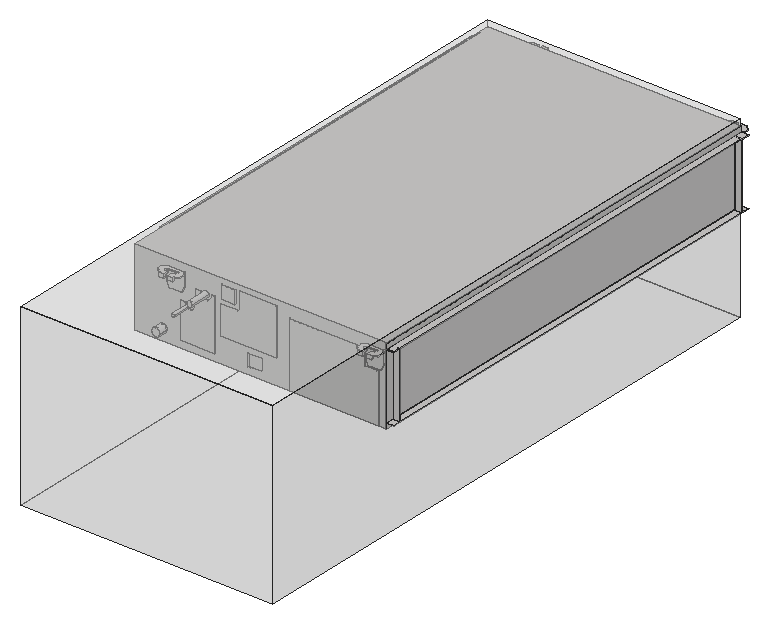
Revit family "outputfile", category 機械設備, Revit 2024
Family settings
  丸型コネクタ寸法 = 半径を使用
  パーツ タイプ = 標準
  OmniClass 番号 = 23.75.10.24.21.27.27
  OmniClass タイトル = Split System Air Conditioning Units
  作業面ベース = いいえ
  常に垂直 = はい
  ロード時にボイドで切り取り = いいえ
  注釈の向きを維持 = いいえ
  共有 = いいえ
  部屋計算ポイント = はい
Parameters (values of type "FBFC140DVMG")
  Description = ""
  製造元 = "Daikin"
  書き出し IFC クラス(タイプ) = "IfcUnitaryEquipmentType"
  定義済み IFC タイプ(タイプ) = "AIRCONDITIONINGUNIT"
  Cost = 0
  モデル = "FBFC140DVMG"
  Type Comments = ""
  Keynote = ""
  Type Image = (empty or 0)
  Assembly Code = ""
  switch_frequency = yes
  r_Liquid Pipe Size = Liquid Pipe Size / 2  # 4.75 mm
  r_Gas Pipe Size = Gas Pipe Size / 2  # 7.95 mm
  r_Drain Pipe Size = Drain Pipe Size / 2  # 12.5 mm
  lw_power = 770.0 mm  # constant formula
  lh_SA = 138.0 mm  # constant formula
  lw_SA = if(Depth = 550.0 mm, 225.0 mm, if(Depth = 700.0 mm, 300.0 mm, if(Depth = 1000.0 mm, 450.0 mm, if(Depth = 1400.0 mm, 650.0 mm, 725.0 mm))))  # 650.0 mm
  lw_RA = if(Depth = 550.0 mm, 275.0 mm, if(Depth = 700.0 mm, 349.0 mm, if(Depth = 1000.0 mm, 499.0 mm, if(Depth = 1400.0 mm, 699.0 mm, 775.0 mm))))  # 699.0 mm
  lh_power = 60.0 mm + [h***]  # 60.0 mm
  lh_mountinghole1 = lh_mountinghole + [h***]  # 222.0 mm
  lh_RA = 123.0 mm  # constant formula
  ld_power = Depth / 2  # 700.0 mm
  connector_voltage = Voltage_50Hz  # 230 V
  connector_powerinput = [Power Input (Cooling)]  # 0.000 kW
  connector_phase = Phase_50Hz  # 1
  Voltage_comment_50Hz = "220 - 240"
  Voltage_50Hz = 230 V
  URL = ""
  Supply Air Direction [instance] = yes
  Sound Power Level_H speed (dB) = 0
  Phase_50Hz = 1
  Minimum External Static Pressure = 50.00 Pa
  Minimum Circuit Amps_50Hz = 0.0 A
  Maximum Fuse Amps_50Hz = 0.0 A
  Maximum External Static Pressure = 150.00 Pa
  Material_Casing = DAIKIN_GalvanizedSteel_Casing_indoorunit
  lw_mountinghole = 630.0 mm  # constant formula
  lh_gaspipe = 183.0 mm + [h***]  # 183.0 mm
  lh_mountinghole = 222.0 mm  # constant formula
  lh_liquidpipe = 136.0 mm + [h***]  # 136.0 mm
  lh_drainpipe = 38.0 mm + [h***]  # 38.0 mm
  lh_antena = Height - lh_mountinghole + 1.0 mm  # 24.0 mm
  ld_drainpipe = Depth / 2 + 26.0 mm  # 726.0 mm
  ld_liquidpipe = Depth / 2 + 69.0 mm  # 769.0 mm
  ld_gaspipe = Depth / 2 + 65.0 mm  # 765.0 mm
  ld_mountinghole = Depth + 38.0 mm  # 1438.0 mm
  h*** = 0.0 mm  # constant formula
  lw_liquidpipe = 179.0 mm  # constant formula
  lw_gaspipe = 229.0 mm  # constant formula
  lw_drainpipe = 91.0 mm  # constant formula
  Width = 800.0 mm
  Version = "ver.1.0"
  Unit Type = "M.S.P. Duct"
  Unit Mass Weight = 46.00 kg
  Unit Designation [instance] = ""
  Uniclass2015Version = "Products v1.30"
  Uniclass2015Title = "Split coil room air conditioning units"
  Uniclass2015Code = "Pr_70_65_03_86"
  Total Cooling Capacity [instance] = 0.000 kW
  Sound Pressure Level_M speed (dBA) = 37.5
  Sound Pressure Level_L speed (dBA) = 35
  Sound Pressure Level_H speed (dBA) = 40
  Series = "SkyAir_Fan Coil Unit"
  Sensible Cooling Capacity [instance] = 0.000 kW
  SA Duct Size Width = 1192.0 mm
  SA Duct Size Height = 176.0 mm
  Refrigerant Type = "R32"
  RA Duct Size Width = 1352.0 mm
  RA Duct Size Height = 208.0 mm
  Power Input (Cooling) = 0.000 kW
  Option Accessory 3 [instance] = ""
  Option Accessory 2 [instance] = ""
  Option Accessory 1 [instance] = ""
  Nominal Cooling Capacity = 14.000 kW
  Minimum Airflow = 1500.00 m³/h
  Median Airflow = 1830.00 m³/h
  Maximum Airflow = 2160.00 m³/h
  Load Classification = HVAC
  Liquid Pipe Size = 9.5 mm
  Link_Nested Family [instance] = ""
  IfcVersion = ""
  IfcExportType = "AIRCONDITIONINGUNIT"
  IfcExportAs = "IfcUnitaryEquipmentType"
  Height = 245.0 mm
  Heat Exchanger Type = "Cross Fin Coil"
  Gas Pipe Size = 15.9 mm
  Frequency_50Hz = 50 Hz
  Fan Type = "Sirocco Fan"
  Fan Drive = "Direct Drive"
  FCU Tag No. [instance] = ""
  Drain Pipe Size = 25.0 mm
  Design Supply Airflow [instance] = 0.00 m³/h
  Design Return Airflow [instance] = 0.00 m³/h
  Design External Static Pressure [instance] = 0.00 Pa
  Depth = 1400.0 mm
  既定の高さ = 0.0 mm
  Cooling Entering Wet Bulb Temperature [instance] = 0.00 °C
  Cooling Entering Dry Bulb Temperature [instance] = 0.00 °C
  Cooling Ambient Wet Bulb Temperature [instance] = 0.00 °C
  Cooling Ambient Dry Bulb Temperature [instance] = 0.00 °C
  Clearance visibility [instance] = yes
  Clearance Top = 20.0 mm
  Clearance Right = 0.0 mm
  Clearance Rear = 0.0 mm
  Clearance Left = 0.0 mm
  Clearance Front = 450.0 mm
  Clearance Bottom = 300.0 mm
Reference planes
  plane 1 "Center (Front/Back)": y = 0
  plane 2 "h": z = 0
  plane 3 "Center (Left/Right)": x = 0
  plane 4 "Back": y = 700
  plane 5 "Front": y = -700
  plane 6 "Left": x = -400
  plane 7 "Right": x = 400
  plane 8 "Top": z = 0
  plane 9 "Bottom": z = -245
  plane 10: y = -215
  plane 11: y = 700
  plane 12: y = -1150
  plane 13: x = -400
  plane 14: x = 400
  plane 15: z = 20
  plane 16: z = -545
  plane 17: x = -400
  plane 18: x = -399
  plane 19: x = 399
  plane 20: y = 50
  plane 21: y = -1
  plane 22: z = -122
  plane 23: y = -701
  plane 24: z = -109
  plane 25: x = -221
  plane 26: y = -765
  plane 27: z = -62
  plane 28: x = -171
  plane 29: y = -726
  plane 30: z = -207
  plane 31: x = -309
  plane 32: x = -309
  plane 33: x = -221
  plane 34: x = -171
  plane 35: x = 370
  plane 36: x = -266
  plane 37: x = 364
  plane 38: y = -719
  plane 39: y = 719
  plane 40: z = -23
  plane 41: z = -107
  plane 42: y = -769
  plane 43: z = -207
  plane 44: x = -309
  plane 45: y = -726
  plane 46: x = -251
  plane 47: x = -203
  plane 48: x = -144
  plane 49: z = -59
  plane 50: z = -106
  plane 51: z = -221
  plane 52: z = -109
  plane 53: x = -221
  plane 54: z = -62
  plane 55: x = -171
  plane 56: z = -17
  plane 57: z = -59
  plane 58: x = -121
  plane 59: x = -79
  plane 60: x = -125
  plane 61: x = -64
  plane 62: x = 53
  plane 63: z = -164
  plane 64: z = -73
  plane 65: z = -16
  plane 66: x = 93.5
  plane 67: x = 374.5
  plane 68: x = 330
  plane 69: z = -88.5
  plane 70: z = -38
  plane 71: z = -242.5
  plane 72: x = -38.5
  plane 73: x = 6.5
  plane 74: z = -181
  plane 75: z = -221
  plane 76: y = -699
  plane 77: x = -424
  plane 78: x = 424
Forms (mm)
  Extrusion 1, solid, material "DAIKIN_GalvanizedSteel_Casing_indoorunit" <- "Material_Casing"
    sketch origin (0, 0, 0) x (1, 0, 0) y (0, 1, 0)
      loop
        line (-399, 700) -> (-399, -700) -> (399, -700) -> (399, 700) -> (-399, 700)
    from -245 to 0
  Extrusion 2, solid, material "DAIKIN_GalvanizedSteel_Casing_indoorunit" <- "Material_Casing"
    sketch origin (0, 0, 0) x (1, 0, 0) y (0, 0, 1)
      loop
        line (-251, -221) -> (-144, -221) -> (-144, -59) -> (-154.47, -59)
        arc (-154.47, -59) -> (-171, -78.8) -> (-187.53, -59) r 16.8
        line (-187.53, -59) -> (-203, -59) -> (-203, -106) -> (-206.916, -106)
        arc (-206.916, -106) -> (-221, -123.4) -> (-235.084, -106) r 14.4
        line (-235.084, -106) -> (-251, -106) -> (-251, -221)
    from 700 to 701
  Extrusion 3, solid, material "DAIKIN_GalvanizedSteel_Casing_indoorunit" <- "Material_Casing"
    sketch origin (0, 0, 0) x (1, 0, 0) y (0, 0, 1)
      loop
        line (-121, -17) -> (-121, -59) -> (-79, -59) -> (-79, -17) -> (-121, -17)
      loop
        line (-125, -73) -> (-125, -164) -> (53, -164) -> (53, -16) -> (-64, -16) -> (-64, -73) -> (-125, -73)
    from 700 to 701
  Extrusion 4, solid, material "DAIKIN_GalvanizedSteel_Casing_indoorunit" <- "Material_Casing"
    sketch origin (0, 0, 0) x (1, 0, 0) y (0, 0, 1)
      loop
        line (93.5, -38) -> (93.5, -242.5) -> (374.5, -242.5) -> (374.5, -88.5) -> (330, -88.5) -> (330, -38) -> (93.5, -38)
    from 700 to 701
  Extrusion 5, solid, material "DAIKIN_GalvanizedSteel_Casing_indoorunit" <- "Material_Casing"
    sketch origin (0, 0, 0) x (1, 0, 0) y (0, 0, 1)
      loop
        circle (-221, -109) r 4.75
    from 700 to 769
  Extrusion 6, solid, material "DAIKIN_GalvanizedSteel_Casing_indoorunit" <- "Material_Casing"
    sketch origin (0, 0, 0) x (1, 0, 0) y (0, 0, 1)
      loop
        circle (-171, -62) r 7.95
    from 700 to 765
  Extrusion 7, solid, material "DAIKIN_GalvanizedSteel_Casing_indoorunit" <- "Material_Casing"
    sketch origin (0, 0, 0) x (1, 0, 0) y (0, 0, 1)
      loop
        circle (-309, -207) r 12.5
    from 701 to 726
  Extrusion 8, solid, material "DAIKIN_GalvanizedSteel_Casing_indoorunit" <- "Material_Casing"
    sketch origin (0, 0, 0) x (1, 0, 0) y (0, 0, 1)
      loop
        circle (-309, -207) r 13
    from 700 to 726
  Extrusion 9, void
    sketch origin (0, 0, 0) x (1, 0, 0) y (0, 0, 1)
      loop
        line (-38.5, -181) -> (-38.5, -221) -> (6.5, -221) -> (6.5, -181) -> (-38.5, -181)
    from 699 to 700
Cuts and joins
  Extrusion 9 cuts Extrusion 1
Dimensions and locks
  "Height": plane 8 "Top" to plane 9 "Bottom"
  equal spacing: plane 4 "Back", plane 1 "Center (Front/Back)", plane 5 "Front"
  "Depth": plane 4 "Back" to plane 5 "Front"
  equal spacing: plane 6 "Left", plane 3 "Center (Left/Right)", plane 7 "Right"
  "Width": plane 6 "Left" to plane 7 "Right"
  "Clearance Left": plane 13 to plane 6 "Left"
  "Clearance Right": plane 7 "Right" to plane 14
  "Clearance Rear": plane 11 to plane 4 "Back"
  "Clearance Front": plane 5 "Front" to plane 12
  "Clearance Top": plane 15 to plane 8 "Top"
  "Clearance Bottom": plane 9 "Bottom" to plane 16
  locked: plane 17 to plane 18 at 1
  locked: plane 19 to plane 14 at 1
  "lw_SA": plane 11 to plane 20
  "lw_RA": plane 21 to plane 5 "Front"
  "lh_RA": plane 22 to plane 9 "Bottom"
  locked: plane 5 "Front" to plane 23 at 1
  "lw_liquidpipe": plane 25 to plane 6 "Left"
  "lh_liquidpipe": plane 24 to plane 9 "Bottom"
  "lh_gaspipe": plane 27 to plane 9 "Bottom"
  "lw_gaspipe": plane 28 to plane 6 "Left"
  "ld_gaspipe": plane 26 to plane 1 "Center (Front/Back)"
  "ld_drainpipe": plane 29 to plane 1 "Center (Front/Back)"
  "lh_drainpipe": plane 30 to plane 9 "Bottom"
  "lw_drainpipe": plane 31 to plane 6 "Left"
  "lw_drainpipe": plane 6 "Left" to plane 32
  "lw_liquidpipe": plane 6 "Left" to plane 33
  "lw_gaspipe": plane 6 "Left" to plane 34
  "lw_power": plane 6 "Left" to plane 35
  locked: plane 17 to plane 36 at 134
  "lw_mountinghole": plane 36 to plane 37
  equal spacing: plane 38, plane 1 "Center (Front/Back)", plane 39
  "ld_mountinghole": plane 39 to plane 38
  "lh_mountinghole": plane 40 to plane 9 "Bottom"
  "lh_SA": plane 41 to plane 9 "Bottom"
  locked: plane 44 to plane 6 "Left" at 91
  locked: plane 43 to plane 9 "Bottom" at 38
  locked: plane 5 "Front" to plane 45 at 26
  plane 48 to plane 47 to plane 46 to plane 6 "Left" = 59.0 mm, 48.0 mm, 149.0 mm
  plane 8 "Top" to plane 49 to plane 50 to plane 51 = 59.0 mm locked, 47.0 mm locked, 115.0 mm locked
  plane 55 to plane 53 to plane 6 "Left" = 50.0 mm locked, 179.0 mm locked
  plane 54 to plane 52 to plane 9 "Bottom" = 47.0 mm locked, 136.0 mm locked
  plane 59 to plane 58 to plane 6 "Left" = 42.0 mm locked, 279.0 mm locked
  plane 8 "Top" to plane 56 to plane 57 = 17.0 mm locked, 42.0 mm locked
  plane 62 to plane 61 to plane 60 to plane 6 "Left" = 117.0 mm, 61.0 mm, 275.0 mm
  plane 8 "Top" to plane 65 to plane 64 = 16.0 mm locked, 57.0 mm locked
  locked: plane 65 to plane 63 at 148
  plane 8 "Top" to plane 70 to plane 69 to plane 71 = 38.0 mm locked, 50.5 mm locked, 154.0 mm locked
  plane 67 to plane 68 to plane 66 to plane 6 "Left" = 44.5 mm locked, 236.5 mm locked, 493.5 mm locked
  plane 8 "Top" to plane 74 to plane 75 = 181.0 mm locked, 40.0 mm locked
  plane 73 to plane 72 to plane 6 "Left" = 45.0 mm, 361.5 mm
  locked: plane 76 to plane 5 "Front" at 1
  locked: plane 77 to plane 17 at 24
  locked: plane 14 to plane 78 at 24
  "ld_liquidpipe": plane 42 to plane 1 "Center (Front/Back)"
  "r_Liquid Pipe Size": radius of Extrusion 5 sketch curve
  "r_Gas Pipe Size": radius of Extrusion 6 sketch curve
  "r_Drain Pipe Size": radius of Extrusion 7 sketch curve
  aligned and locked: level to plane 2 "h"
  aligned and locked: plane 8 "Top" to Extrusion 1
  aligned and locked: Extrusion 1 to plane 9 "Bottom"
  aligned and locked: nested 5 to plane 12
  aligned and locked: plane 13 to nested 5
  aligned and locked: plane 14 to nested 5
  aligned and locked: nested 5 to plane 13
  aligned and locked: plane 11 to nested 5
  aligned and locked: plane 15 to nested 5
  aligned and locked: plane 16 to nested 5
  aligned and locked: plane 5 "Front" to Extrusion 1 sketch curve
  aligned and locked: Extrusion 1 to plane 18
  aligned and locked: plane 19 to Extrusion 1
  aligned and locked: nested 7 to plane 18
  aligned and locked: nested 7 to plane 20
  aligned and locked: plane 19 to nested 8
  aligned and locked: plane 21 to nested 8
  aligned and locked: plane 22 to nested 8
  aligned and locked: Extrusion 2 to plane 23
  aligned and locked: plane 5 "Front" to Extrusion 2
  aligned and locked: Extrusion 3 to plane 23
  aligned and locked: plane 5 "Front" to Extrusion 3
  aligned and locked: plane 5 "Front" to Extrusion 4
  aligned and locked: Extrusion 5 sketch curve to plane 25
  aligned and locked: plane 24 to Extrusion 5 sketch curve
  aligned and locked: plane 5 "Front" to Extrusion 5
  aligned and locked: Extrusion 6 sketch curve to plane 28
  aligned and locked: plane 27 to Extrusion 6 sketch curve
  aligned and locked: plane 5 "Front" to Extrusion 6
  aligned and locked: Extrusion 7 sketch curve to plane 31
  aligned and locked: plane 30 to Extrusion 7 sketch curve
  aligned and locked: Extrusion 7 to plane 29
  aligned and locked: plane 23 to Extrusion 7
  aligned and locked: nested 3 to plane 29
  aligned and locked: nested 3 to plane 32
  aligned and locked: nested 2 to plane 33
  aligned and locked: nested 1 to plane 34
  aligned and locked: Extrusion 6 to plane 26
  aligned and locked: nested 1 to plane 26
  aligned and locked: nested 6 to plane 5 "Front"
  aligned and locked: nested 6 to plane 35
  aligned and locked: plane 36 to nested 10
  aligned and locked: nested 10 to plane 5 "Front"
  aligned and locked: plane 37 to nested 9
  aligned and locked: nested 9 to plane 5 "Front"
  aligned and locked: nested 11 to plane 36
  aligned and locked: plane 4 "Back" to nested 11
  aligned and locked: nested 12 to plane 37
  aligned and locked: plane 4 "Back" to nested 12
  aligned and locked: plane 40 to nested 10
  aligned and locked: plane 40 to nested 11
  aligned and locked: plane 40 to nested 9
  aligned and locked: plane 40 to nested 12
  aligned and locked: plane 36 to nested 14
  aligned and locked: nested 14 to plane 39
  aligned and locked: plane 37 to nested 13
  aligned and locked: nested 13 to plane 39
  aligned and locked: plane 37 to nested 16
  aligned and locked: plane 38 to nested 16
  aligned and locked: plane 38 to nested 15
  aligned and locked: plane 36 to nested 15
  aligned and locked: plane 17 to plane 6 "Left"
  aligned and locked: plane 41 to nested 7
  aligned and locked: Extrusion 5 to plane 42
  aligned and locked: nested 2 to plane 42
  aligned and locked: Extrusion 8 sketch curve to plane 44
  aligned and locked: plane 43 to Extrusion 8 sketch curve
  aligned and locked: plane 5 "Front" to Extrusion 8
  aligned and locked: plane 45 to Extrusion 8
  aligned and locked: Extrusion 3 sketch curve to plane 56
  aligned and locked: Extrusion 3 sketch curve to plane 58
  aligned and locked: plane 57 to Extrusion 3 sketch curve
  aligned and locked: plane 59 to Extrusion 3 sketch curve
  aligned and locked: Extrusion 4 to plane 23
  aligned and locked: Extrusion 9 sketch curve to plane 74
  aligned and locked: plane 75 to Extrusion 9 sketch curve
  aligned and locked: plane 73 to Extrusion 9 sketch curve
  aligned and locked: plane 5 "Front" to Extrusion 9
  aligned and locked: plane 76 to Extrusion 9
  aligned and locked: nested 17 to plane 20
  aligned and locked: nested 17 to plane 77
  aligned and locked: plane 21 to nested 18
  aligned and locked: plane 78 to nested 18
  aligned and locked: plane 41 to nested 17
  aligned and locked: nested 18 to plane 22
  aligned and locked: nested 4 to plane 3 "Center (Left/Right)"
  aligned and locked: plane 1 "Center (Front/Back)" to nested 4
  aligned and locked: level to plane 8 "Top"
Automatic sketch dimensions
  plane 6 "Left" to Extrusion 1 sketch curve = 1.0 mm
  Extrusion 1 sketch curve to plane 7 "Right" = 1.0 mm
  Extrusion 1 sketch curve to plane 4 "Back" = 0.0 mm
  Extrusion 2 sketch curve to plane 46 = 0.0 mm
  Extrusion 2 sketch curve to plane 33 = 0.0 mm
  Extrusion 2 sketch curve to plane 47 = 0.0 mm
  Extrusion 2 sketch curve to plane 34 = 0.0 mm
  Extrusion 2 sketch curve to plane 48 = 0.0 mm
  Extrusion 2 sketch curve to plane 51 = 0.0 mm
  Extrusion 2 sketch curve to plane 52 = 0.0 mm
  Extrusion 2 sketch curve to plane 50 = 0.0 mm  (x3)
  Extrusion 2 sketch curve to plane 54 = 0.0 mm
  Extrusion 2 sketch curve to plane 49 = 0.0 mm  (x3)
  plane 33 to Extrusion 2 sketch curve = 14.084 mm
  plane 34 to Extrusion 2 sketch curve = 16.53 mm
  Extrusion 3 sketch curve to plane 60 = 0.0 mm
  Extrusion 3 sketch curve to plane 61 = 0.0 mm
  Extrusion 3 sketch curve to plane 62 = 0.0 mm
  Extrusion 3 sketch curve to plane 63 = 0.0 mm
  Extrusion 3 sketch curve to plane 64 = 0.0 mm
  Extrusion 3 sketch curve to plane 65 = 0.0 mm
  Extrusion 4 sketch curve to plane 66 = 0.0 mm
  Extrusion 4 sketch curve to plane 68 = 0.0 mm
  Extrusion 4 sketch curve to plane 67 = 0.0 mm
  Extrusion 4 sketch curve to plane 71 = 0.0 mm
  Extrusion 4 sketch curve to plane 69 = 0.0 mm
  Extrusion 4 sketch curve to plane 70 = 0.0 mm
  Extrusion 9 sketch curve to plane 72 = 0.0 mm
  radius of Extrusion 8 sketch curve = 13.0 mm
Nested families
  nested 1: "daikin_connector_rotate2" at (-171, 0, -62), length <- "ld_gaspipe", built-in parameter 1001364 <- "lh_gaspipe", radius <- "r_Gas Pipe Size", type "daikin_connector_rotate2"
    with radius 7.95 mm, length 765.0 mm, angle_vertical 90.00°
  nested 2: "daikin_connector_rotate2" at (-221, 0, -109), length <- "ld_liquidpipe", built-in parameter 1001364 <- "lh_liquidpipe", radius <- "r_Liquid Pipe Size", type "daikin_connector_rotate2"
    with radius 4.75 mm, length 769.0 mm, angle_vertical 90.00°
  nested 3: "daikin_connector_rotate2" at (-309, 0, -207), length <- "ld_drainpipe", built-in parameter 1001364 <- "lh_drainpipe", radius <- "r_Drain Pipe Size", type "daikin_connector_rotate2"
    with radius 12.5 mm, length 726.0 mm, angle_vertical 90.00°
  nested 4: "daikin_△_symbolicline" at (0, 0, 245) x (0, -1, 0) z (0, 0, 1), built-in parameter 1001364 <- "Height", visible <- "Supply Air Direction", type "daikin_△_symbolicline"
    with length 200.0 mm
  nested 5: "daikin_clearancespace" at (0, -225, -262.381), visible <- "Clearance visibility", show <- "Clearance visibility", Link_Nested Family <- "Link_Nested Family", type "daikin_clearancespace"
    with width 800.0 mm, show yes, height 565.0 mm, depth 1850.0 mm, Link_Nested Family ""
  nested 6: "daikin_connector_rotate2" at (370, 0, -185), built-in parameter 1001364 <- "lh_power", length <- "ld_power", type "daikin_connector_rotate2"
    with radius 10.0 mm, length 700.0 mm, angle_vertical 90.00°
  nested 7: "daikin_ductflange_FBFC-DVMG2" at (-399, 50, -107) x (0, -1, 0) z (0, 0, 1), type "daikin_ductflange_FBFC-DVMG2"
  nested 8: "daikin_ductflange_FBFC-DVMG" at (399, -1, -122) x (0, 1, 0) z (0, 0, 1), type "daikin_ductflange_FBFC-DVMG"
    with width 1352.0 mm, lw 25.0 mm, w 1400.0 mm
  nested 9: "daikin_hangerfixture_FBFC-DVMG" at (364, -700, -23), type "daikin_hangerfixture_FBFC-DVMG"
  nested 10: "daikin_hangerfixture_FBFC-DVMG" at (-266, -700, -23), type "daikin_hangerfixture_FBFC-DVMG"
  nested 11: "daikin_hangerfixture_FBFC-DVMG" at (-266, 700, -23) x (-1, 0, 0) z (0, 0, 1), type "daikin_hangerfixture_FBFC-DVMG"
  nested 12: "daikin_hangerfixture_FBFC-DVMG" at (364, 700, -23) x (-1, 0, 0) z (0, 0, 1), type "daikin_hangerfixture_FBFC-DVMG"
  nested 13: "daikin_mountinghole" at (364, 719, -245), h_mountinghole <- "lh_mountinghole1", l_antenna <- "lh_antena", Link_Nested Family <- "Link_Nested Family", type "daikin_mountinghole"
    with show yes, l_antenna 24.0 mm, h_mountinghole 222.0 mm, Link_Nested Family ""
  nested 14: "daikin_mountinghole" at (-266, 719, -245), h_mountinghole <- "lh_mountinghole1", l_antenna <- "lh_antena", Link_Nested Family <- "Link_Nested Family", type "daikin_mountinghole"
    with show yes, l_antenna 24.0 mm, h_mountinghole 222.0 mm, Link_Nested Family ""
  nested 15: "daikin_mountinghole" at (-266, -719, -245), h_mountinghole <- "lh_mountinghole1", l_antenna <- "lh_antena", Link_Nested Family <- "Link_Nested Family", type "daikin_mountinghole"
    with show yes, l_antenna 24.0 mm, h_mountinghole 222.0 mm, Link_Nested Family ""
  nested 16: "daikin_mountinghole" at (364, -719, -245), h_mountinghole <- "lh_mountinghole1", l_antenna <- "lh_antena", Link_Nested Family <- "Link_Nested Family", type "daikin_mountinghole"
    with show yes, l_antenna 24.0 mm, h_mountinghole 222.0 mm, Link_Nested Family ""
  nested 17: "daikin_connector_rotate2" at (-400, 50, -107) x (0, -1, 0) z (0, 0, 1), type "daikin_connector_rotate2"
    with radius 10.0 mm, length 24.0 mm, angle_vertical 90.00°
  nested 18: "daikin_connector_rotate2" at (400, -1, -122) x (0, 1, 0) z (0, 0, 1), type "daikin_connector_rotate2"
    with radius 10.0 mm, length 24.0 mm, angle_vertical 90.00°
Connectors
  piping at (-309, -726, -207), diameter 25, driven by "r_Drain Pipe Size"
    settings: on nested 3, index 3, connector inside diameter 609.6 mm, connector length 0.0 mm, flow factor 0, pipe flow 0.00 m³/h, pressure drop 0.0 Pa, fitting loss kfactor 0, connector angle 0.00°, fixture units 0, engagement length 0.0 mm, angle of deflection 0.00°, flow configuration 1, flow direction 2, fitting loss method 4, system type 16, joint type 0, gender type 0, connector reference index -1, connector utility 0, adjustable connector no, is connector primary yes, connector description "Condensate Drain Piping"
  piping at (-171, -765, -62), diameter 15.9, driven by "r_Gas Pipe Size"
    settings: on nested 1, index 4, connector inside diameter 609.6 mm, connector length 0.0 mm, flow factor 0, pipe flow 0.00 m³/h, pressure drop 0.0 Pa, fitting loss kfactor 0, connector angle 0.00°, fixture units 0, engagement length 0.0 mm, angle of deflection 0.00°, flow configuration 1, flow direction 2, fitting loss method 0, system type 29, joint type 0, gender type 0, connector reference index -1, connector utility 0, adjustable connector no, is connector primary no, connector description "Refrigerant Gas Piping"
  piping at (-221, -769, -109), diameter 9.5, driven by "r_Liquid Pipe Size"
    settings: on nested 2, index 5, connector inside diameter 609.6 mm, connector length 0.0 mm, flow factor 0, pipe flow 0.00 m³/h, pressure drop 0.0 Pa, fitting loss kfactor 0, connector angle 0.00°, fixture units 0, engagement length 0.0 mm, angle of deflection 0.00°, flow configuration 1, flow direction 1, fitting loss method 0, system type 29, joint type 0, gender type 0, connector reference index -1, connector utility 0, adjustable connector no, is connector primary no, connector description "Refrigerant Liquid Piping"
  electrical at (370, -700, -185), driven by "Load Classification", driven by "connector_powerinput", driven by "connector_voltage", driven by "connector_phase"
    settings: on nested 6, index 6, voltage 230 V, apparent load 0 VA, apparent load phase1 0 VA, apparent load phase2 0 VA, apparent load phase3 0 VA, power factor 1, load classification "HVAC", number of poles 1, system type 30, power factor state 1, is connector primary yes, connector utility no, sub classification motor no, connector description "Power Supply"
  hvac at (-424, 50, -107), driven by "SA Duct Size Height", driven by "SA Duct Size Width"
    settings: on nested 17, index 7, duct flow 0.00 m³/h, flow factor 0, pres drop 0.00 Pa, loss coef 0, conn angle 0.00°, conn width 1192.0 mm, conn height 176.0 mm, conn diameter 609.6 mm, duct sys type 1, conn prof type 1, flow config 0, flow direction 2, loss method 4, conn ref index -1, conn util no, is conn primary yes, conn desc "SA Duct"
  hvac at (424, -1, -122), driven by "RA Duct Size Height", driven by "RA Duct Size Width"
    settings: on nested 18, index 8, duct flow 0.00 m³/h, flow factor 0, pres drop 0.00 Pa, loss coef 0, conn angle 0.00°, conn width 1352.0 mm, conn height 208.0 mm, conn diameter 609.6 mm, duct sys type 2, conn prof type 1, flow config 0, flow direction 1, loss method 4, conn ref index -1, conn util no, is conn primary no, conn desc "RA Duct"
Definition of nested family "daikin_clearancespace"
  Parameters (values of type "daikin_clearancespace")
    Description = "daikin_clearancespace"
    width [instance] = 1823.963 mm
    show [instance] = yes
    material = none
    height [instance] = 1359.762 mm
    depth [instance] = 880.0 mm
    Default Elevation = 0.0 mm
    Link_Nested Family [instance] = ""
  Reference planes
    plane 1 "Center (Front/Back)": y = 0
    plane 2 "Center (Elevation)": z = -0.119
    plane 3 "Center (Left/Right)": x = 0
    plane 4: y = 440
    plane 5: y = -440
    plane 6 "Right": x = 911.982
    plane 7 "Left": x = -911.982
    plane 8 "Top": z = 679.762
    plane 9 "Bottom": z = -680
  Forms (mm)
    Extrusion 1, solid, material <- "material", visible <- "show"
      sketch origin (0, 0, 0) x (1, 0, 0) y (0, 1, 0)
        loop
          line (-911.982, 440) -> (-911.982, -440) -> (911.982, -440) -> (911.982, 440) -> (-911.982, 440)
      from -680 to 679.762
  Lines and regions (mm)
    symbolic lines, visible <- "show"
      curve 1: line (911.982, 440, 0) -> (-911.982, 440, 0)
      curve 2: line (-911.982, 440, 0) -> (-911.982, -440, 0)
      curve 3: line (-911.982, -440, 0) -> (911.982, -440, 0)
      curve 4: line (911.982, -440, 0) -> (911.982, 440, 0)
      curve 5: line (911.982, 0, 679.762) -> (-911.982, 0, 679.762)
      curve 6: line (911.982, 0, -680) -> (911.982, 0, 679.762)
      curve 7: line (-911.982, 0, -680) -> (911.982, 0, -680)
      curve 8: line (-911.982, 0, 679.762) -> (-911.982, 0, -680)
      curve 9: line (0, 440, 679.762) -> (0, -440, 679.762)
      curve 10: line (0, -440, 679.762) -> (0, -440, -680)
      curve 11: line (0, 440, -680) -> (0, 440, 679.762)
      curve 12: line (0, -440, -680) -> (0, 440, -680)
  Dimensions and locks
    "width": plane 7 "Left" to plane 6 "Right"
    "depth": plane 4 to plane 5
    "height": plane 8 "Top" to plane 9 "Bottom"
    equal spacing: plane 7 "Left", plane 3 "Center (Left/Right)", plane 6 "Right"
    equal spacing: plane 4, plane 1 "Center (Front/Back)", plane 5
    equal spacing: plane 8 "Top", plane 2 "Center (Elevation)", plane 9 "Bottom"
    aligned and locked: level to plane 2 "Center (Elevation)"
    aligned and locked: Extrusion 1 sketch curve to plane 4
    aligned and locked: plane 7 "Left" to Extrusion 1 sketch curve
    aligned and locked: Extrusion 1 sketch curve to plane 5
    aligned and locked: Extrusion 1 sketch curve to plane 6 "Right"
    aligned and locked: plane 8 "Top" to Extrusion 1
    aligned and locked: curve 1 to Extrusion 1
    aligned and locked: curve 2 to Extrusion 1
    aligned and locked: curve 3 to Extrusion 1
    aligned and locked: curve 4 to Extrusion 1
    aligned and locked: curve 5 to Extrusion 1
    aligned and locked: curve 6 to Extrusion 1
    aligned and locked: curve 7 to Extrusion 1
    aligned and locked: curve 8 to Extrusion 1
    aligned and locked: curve 9 to Extrusion 1
    aligned and locked: curve 10 to Extrusion 1
    aligned and locked: curve 11 to Extrusion 1
    aligned and locked: curve 12 to Extrusion 1
    aligned and locked: Extrusion 1 to plane 9 "Bottom"
Definition of nested family "daikin_ductflange_FBFC-DVMG2"
  Parameters (values of type "daikin_ductflange_FBFC-DVMG2")
    width = if(w = 550.0 mm, 337.0 mm, if(w = 700.0 mm, 492.0 mm, if(w = 1000.0 mm, 792.0 mm, if(w = 1400.0 mm, 1192.0 mm, 1337.0 mm))))  # 1192.0 mm
    material = none
    height = 215.0 mm
    depth = 1.0 mm
    w = 1400.0 mm
    Default Elevation = 0.0 mm
  Reference planes
    plane 1 "Center (Front/Back)": y = 0
    plane 2: z = 0
    plane 3 "Center (Left/Right)": x = 0
    plane 4: z = 88
    plane 5: z = -88
    plane 6: y = -25
    plane 7: z = 106
    plane 8: z = 89
    plane 9: y = -1
    plane 10: x = -617.5
    plane 11: x = 617.5
    plane 12: z = -106
    plane 13: z = -89
    plane 14: y = -1
    plane 15: x = 596
    plane 16: x = -596
    plane 17: x = 597
    plane 18: z = 87
    plane 19: z = -87
    plane 20: x = -597
    plane 21: z = 87
    plane 22: z = -87
    plane 23: y = -1
  Forms (mm)
    Extrusion 1, solid, material <- "material"
      sketch origin (0, 0, 0) x (0, 1, 0) y (0, 0, 1)
        loop
          line (-25, 88) -> (0, 88) -> (0, 106) -> (-1, 106) -> (-1, 89) -> (-25, 89) -> (-25, 88)
      from -617.5 to 617.5
    Extrusion 2, solid, material <- "material"
      sketch origin (0, 0, 0) x (0, 1, 0) y (0, 0, 1)
        loop
          line (-25, -88) -> (-25, -89) -> (-1, -89) -> (-1, -106) -> (0, -106) -> (0, -88) -> (-25, -88)
      from -617.5 to 617.5
    Extrusion 3, solid, material <- "material"
      sketch origin (0, 0, 0) x (1, 0, 0) y (0, 0, 1)
        loop
          line (596, 88) -> (596, -88) -> (617.5, -88) -> (617.5, -87) -> (597, -87) -> (597, 87) -> (617.5, 87) -> (617.5, 88) -> (596, 88)
      from 0 to 25
    Extrusion 4, solid, material <- "material"
      sketch origin (0, 0, 0) x (1, 0, 0) y (0, 0, 1)
        loop
          line (-617.5, 88) -> (-617.5, 87) -> (-597, 87) -> (-597, -87) -> (-617.5, -87) -> (-617.5, -88) -> (-596, -88) -> (-596, 88) -> (-617.5, 88)
      from 0 to 25
    Extrusion 5, solid, material <- "material"
      sketch origin (0, 0, 0) x (1, 0, 0) y (0, 0, 1)
        loop
          line (-617.5, 88) -> (-617.5, -88) -> (-596, -88) -> (-596, 88) -> (-617.5, 88)
        loop
          line (617.5, 88) -> (596, 88) -> (596, -88) -> (617.5, -88) -> (617.5, 88)
      from 0 to 1
  Cuts and joins
    joined: Extrusion 1, Extrusion 2, Extrusion 3, Extrusion 4, Extrusion 5
  Dimensions and locks
    plane 4 to level to plane 5 = 88.0 mm, 88.0 mm
    locked: plane 6 to plane 1 "Center (Front/Back)" at 25
    locked: plane 9 to plane 1 "Center (Front/Back)" at 1
    locked: plane 8 to plane 4 at 1
    locked: plane 16 to plane 10 at 21.5
    locked: plane 17 to plane 15 at 1
    locked: plane 4 to plane 18 at 1
    locked: plane 19 to plane 5 at 1
    "width": plane 15 to plane 16
    plane 4 to plane 5 = 176.0 mm
    locked: plane 16 to plane 20 at 1
    locked: plane 4 to plane 21 at 1
    locked: plane 22 to plane 5 at 1
    locked: plane 23 to plane 1 "Center (Front/Back)" at 1
    plane 4 to level to plane 5 = 88.0 mm locked, 88.0 mm locked
    locked: plane 5 to plane 13 at 1
    locked: plane 5 to plane 12 at 18
    locked: plane 7 to plane 4 at 18
    equal spacing: plane 15, plane 3 "Center (Left/Right)", plane 16
    locked: plane 11 to plane 15 at 21.5
    plane 11 to plane 10 = 1235.0 mm
    aligned and locked: level to plane 2
    aligned and locked: Extrusion 1 to plane 10
    aligned and locked: plane 11 to Extrusion 1
    aligned and locked: plane 5 to Extrusion 2
    aligned and locked: Extrusion 2 to plane 1 "Center (Front/Back)"
    aligned and locked: plane 15 to Extrusion 3 sketch curve
    aligned and locked: Extrusion 3 sketch curve to Extrusion 2  (x2)
    aligned and locked: Extrusion 3 sketch curve to plane 11
    aligned and locked: plane 6 to Extrusion 3
    aligned and locked: Extrusion 2 to plane 10
    aligned and locked: plane 11 to Extrusion 2
    aligned and locked: Extrusion 4 sketch curve to Extrusion 1  (x2)
    aligned and locked: plane 5 to Extrusion 4 sketch curve
    aligned and locked: Extrusion 4 sketch curve to plane 16
    aligned and locked: Extrusion 4 sketch curve to plane 22
    aligned and locked: plane 20 to Extrusion 4 sketch curve
    aligned and locked: plane 21 to Extrusion 4 sketch curve
    aligned and locked: Extrusion 4 to plane 1 "Center (Front/Back)"
    aligned and locked: plane 6 to Extrusion 4
    aligned and locked: Extrusion 5 sketch curve to Extrusion 1  (x4)
    aligned and locked: Extrusion 5 sketch curve to Extrusion 4  (x2)
    aligned and locked: Extrusion 5 sketch curve to Extrusion 3  (x2)
    aligned and locked: Extrusion 5 to plane 1 "Center (Front/Back)"
    aligned and locked: plane 23 to Extrusion 5
  Automatic sketch dimensions
    Extrusion 1 sketch curve to plane 6 = 0.0 mm
    Extrusion 1 sketch curve to plane 7 = 0.0 mm
    Extrusion 1 sketch curve to plane 9 = 0.0 mm
    Extrusion 1 sketch curve to plane 1 "Center (Front/Back)" = 0.0 mm
    Extrusion 1 sketch curve to plane 4 = 0.0 mm
    Extrusion 1 sketch curve to plane 8 = 0.0 mm
    Extrusion 2 sketch curve to plane 6 = 0.0 mm
    plane 12 to Extrusion 2 sketch curve = 0.0 mm
    Extrusion 2 sketch curve to plane 14 = 0.0 mm
    Extrusion 2 sketch curve to plane 1 "Center (Front/Back)" = 0.0 mm
    plane 13 to Extrusion 2 sketch curve = 0.0 mm
    Extrusion 2 sketch curve to plane 5 = 0.0 mm
    Extrusion 3 sketch curve to plane 17 = 0.0 mm
    Extrusion 3 sketch curve to plane 19 = 0.0 mm
    Extrusion 3 sketch curve to plane 18 = 0.0 mm
    Extrusion 3 sketch curve to plane 4 = 0.0 mm
    Extrusion 4 sketch curve to plane 10 = 0.0 mm
Definition of nested family "daikin_ductflange_FBFC-DVMG"
  Parameters (values of type "daikin_ductflange_FBFC-DVMG")
    width = if(w = 550.0 mm, 502.0 mm, if(w = 700.0 mm, 654.0 mm, if(w = 1000.0 mm, 952.0 mm, if(w = 1400.0 mm, 1352.0 mm, 1502.0 mm))))  # 654.0 mm
    material = none
    lw = if(width = 654.0 mm, 23.0 mm, 25.0 mm)  # 23.0 mm
    height = 208.0 mm
    depth = 1.0 mm
    w = 700.0 mm
    Default Elevation = 0.0 mm
  Reference planes
    plane 1 "Center (Front/Back)": y = 0
    plane 2: z = 0
    plane 3 "Center (Left/Right)": x = 0
    plane 4: z = 104
    plane 5: z = -104
    plane 6: y = -25
    plane 7: z = 121
    plane 8: z = 105
    plane 9: y = -1
    plane 10: x = -350
    plane 11: x = 350
    plane 12: z = -122
    plane 13: z = -105
    plane 14: y = -1
    plane 15: x = 327
    plane 16: x = -327
    plane 17: x = 328
    plane 18: z = 103
    plane 19: z = -103
    plane 20: x = -328
    plane 21: z = 103
    plane 22: z = -103
    plane 23: y = -1
  Forms (mm)
    Extrusion 1, solid, material <- "material"
      sketch origin (0, 0, 0) x (0, 1, 0) y (0, 0, 1)
        loop
          line (-25, 104) -> (0, 104) -> (0, 121) -> (-1, 121) -> (-1, 105) -> (-25, 105) -> (-25, 104)
      from -350 to 350
    Extrusion 2, solid, material <- "material"
      sketch origin (0, 0, 0) x (0, 1, 0) y (0, 0, 1)
        loop
          line (-25, -104) -> (-25, -105) -> (-1, -105) -> (-1, -122) -> (0, -122) -> (0, -104) -> (-25, -104)
      from -350 to 350
    Extrusion 3, solid, material <- "material"
      sketch origin (0, 0, 0) x (1, 0, 0) y (0, 0, 1)
        loop
          line (327, 104) -> (327, -104) -> (350, -104) -> (350, -103) -> (328, -103) -> (328, 103) -> (350, 103) -> (350, 104) -> (327, 104)
      from 0 to 25
    Extrusion 4, solid, material <- "material"
      sketch origin (0, 0, 0) x (1, 0, 0) y (0, 0, 1)
        loop
          line (-350, 104) -> (-350, 103) -> (-328, 103) -> (-328, -103) -> (-350, -103) -> (-350, -104) -> (-327, -104) -> (-327, 104) -> (-350, 104)
      from 0 to 25
    Extrusion 5, solid, material <- "material"
      sketch origin (0, 0, 0) x (1, 0, 0) y (0, 0, 1)
        loop
          line (-350, 104) -> (-350, -104) -> (-327, -104) -> (-327, 104) -> (-350, 104)
        loop
          line (350, 104) -> (327, 104) -> (327, -104) -> (350, -104) -> (350, 104)
      from 0 to 1
  Cuts and joins
    joined: Extrusion 1, Extrusion 2, Extrusion 3, Extrusion 4, Extrusion 5
  Dimensions and locks
    plane 4 to level to plane 5 = 104.0 mm, 104.0 mm
    locked: plane 6 to plane 1 "Center (Front/Back)" at 25
    locked: plane 9 to plane 1 "Center (Front/Back)" at 1
    locked: plane 8 to plane 4 at 1
    "lw": plane 11 to plane 15
    "lw": plane 16 to plane 10
    locked: plane 17 to plane 15 at 1
    locked: plane 4 to plane 18 at 1
    locked: plane 19 to plane 5 at 1
    "width": plane 15 to plane 16
    equal spacing: plane 15, plane 3 "Center (Left/Right)", plane 16
    locked: plane 16 to plane 20 at 1
    locked: plane 4 to plane 21 at 1
    locked: plane 22 to plane 5 at 1
    locked: plane 23 to plane 1 "Center (Front/Back)" at 1
    locked: plane 7 to plane 4 at 17
    locked: plane 1 "Center (Front/Back)" to plane 14 at 1
    locked: plane 5 to plane 13 at 1
    "height": plane 4 to plane 5
    plane 11 to plane 10 = 700.0 mm
    locked: plane 12 to plane 13 at 17
    equal spacing: plane 4, level, plane 5
    aligned and locked: level to plane 2
    aligned and locked: Extrusion 1 to plane 10
    aligned and locked: plane 11 to Extrusion 1
    aligned and locked: plane 5 to Extrusion 2
    aligned and locked: Extrusion 2 to plane 1 "Center (Front/Back)"
    aligned and locked: plane 15 to Extrusion 3 sketch curve
    aligned and locked: Extrusion 3 sketch curve to Extrusion 2  (x2)
    aligned and locked: Extrusion 3 sketch curve to plane 11
    aligned and locked: plane 6 to Extrusion 3
    aligned and locked: Extrusion 2 to plane 10
    aligned and locked: plane 11 to Extrusion 2
    aligned and locked: Extrusion 4 sketch curve to Extrusion 1  (x2)
    aligned and locked: plane 5 to Extrusion 4 sketch curve
    aligned and locked: Extrusion 4 sketch curve to plane 16
    aligned and locked: Extrusion 4 sketch curve to plane 22
    aligned and locked: plane 20 to Extrusion 4 sketch curve
    aligned and locked: plane 21 to Extrusion 4 sketch curve
    aligned and locked: Extrusion 4 to plane 1 "Center (Front/Back)"
    aligned and locked: plane 6 to Extrusion 4
    aligned and locked: Extrusion 5 sketch curve to Extrusion 1  (x4)
    aligned and locked: Extrusion 5 sketch curve to Extrusion 4  (x2)
    aligned and locked: Extrusion 5 sketch curve to Extrusion 3  (x2)
    aligned and locked: Extrusion 5 to plane 1 "Center (Front/Back)"
    aligned and locked: plane 23 to Extrusion 5
  Automatic sketch dimensions
    Extrusion 1 sketch curve to plane 6 = 0.0 mm
    Extrusion 1 sketch curve to plane 7 = 0.0 mm
    Extrusion 1 sketch curve to plane 9 = 0.0 mm
    Extrusion 1 sketch curve to plane 1 "Center (Front/Back)" = 0.0 mm
    Extrusion 1 sketch curve to plane 4 = 0.0 mm
    Extrusion 1 sketch curve to plane 8 = 0.0 mm
    Extrusion 2 sketch curve to plane 6 = 0.0 mm
    plane 12 to Extrusion 2 sketch curve = 0.0 mm
    Extrusion 2 sketch curve to plane 14 = 0.0 mm
    Extrusion 2 sketch curve to plane 1 "Center (Front/Back)" = 0.0 mm
    plane 13 to Extrusion 2 sketch curve = 0.0 mm
    Extrusion 2 sketch curve to plane 5 = 0.0 mm
    Extrusion 3 sketch curve to plane 17 = 0.0 mm
    Extrusion 3 sketch curve to plane 19 = 0.0 mm
    Extrusion 3 sketch curve to plane 18 = 0.0 mm
    Extrusion 3 sketch curve to plane 4 = 0.0 mm
    Extrusion 4 sketch curve to plane 10 = 0.0 mm
Definition of nested family "daikin_hangerfixture_FBFC-DVMG"
  Parameters (values of type "daikin_hangerfixture_FXMQ-PAVE")
    width = 72.0 mm
    material = none
    height = 60.0 mm
    depth = 41.0 mm
    Default Elevation = 0.0 mm
  Reference planes
    plane 1 "Center (Front/Back)": y = 0
    plane 2: z = 0
    plane 3 "Center (Left/Right)": x = 0
    plane 4: y = 417.146
    plane 5: y = -41
    plane 6: x = -36
    plane 7: x = 36
    plane 8: z = -2.3
    plane 9: z = -60
    plane 10: y = -2.3
    plane 11: z = -12
    plane 12: y = -38.7
  Forms (mm)
    Extrusion 1, solid, material <- "material"
      sketch origin (0, 0, 0) x (1, 0, 0) y (0, 1, 0)
        loop
          line (-28, 0) -> (-28, -5)
          arc (-28, -5) -> (-29.127, -8.162) -> (-32, -9.899) r 5
          arc (-32, -9.899) -> (-34.873, -11.636) -> (-36, -14.798) r 5
          line (-36, -14.798) -> (-36, -27.178)
          arc (-36, -27.178) -> (-35.429, -29.499) -> (-33.846, -31.289) r 5
          line (-33.846, -31.289) -> (-23, -38.798) -> (-23, -41.098) -> (-6.5, -41.098) -> (-6.5, -28.498)
          arc (-6.5, -28.498) -> (-7.379, -26.377) -> (-9.5, -25.498) r 3
          line (-9.5, -25.498) -> (-13.5, -25.498)
          arc (-13.5, -25.498) -> (-20, -18.998) -> (-13.5, -12.498) r 6.5
          line (-13.5, -12.498) -> (13.5, -12.498)
          arc (13.5, -12.498) -> (20, -18.998) -> (13.5, -25.498) r 6.5
          line (13.5, -25.498) -> (9.5, -25.498)
          arc (9.5, -25.498) -> (7.379, -26.377) -> (6.5, -28.498) r 3
          line (6.5, -28.498) -> (6.5, -41.098) -> (23, -41.098) -> (23, -38.798) -> (33.846, -31.289)
          arc (33.846, -31.289) -> (35.429, -29.499) -> (36, -27.178) r 5
          line (36, -27.178) -> (36, -14.596)
          arc (36, -14.596) -> (34.873, -11.434) -> (32, -9.697) r 5
          arc (32, -9.697) -> (29.127, -7.96) -> (28, -4.798) r 5
          line (28, -4.798) -> (28, 0) -> (-28, 0)
      from 0 to -2.3
    Extrusion 2, solid, material <- "material"
      sketch origin (0, 0, 0) x (1, 0, 0) y (0, 0, 1)
        loop
          line (28, -39.037) -> (28, 0) -> (-28, 0) -> (-28, -39.037)
          arc (-28, -39.037) -> (-27.91, -39.983) -> (-27.642, -40.894) r 5
          line (-27.642, -40.894) -> (-21.257, -56.857)
          arc (-21.257, -56.857) -> (-19.418, -59.14) -> (-16.615, -60) r 5
          line (-16.615, -60) -> (16.615, -60)
          arc (16.615, -60) -> (19.418, -59.14) -> (21.257, -56.857) r 5
          line (21.257, -56.857) -> (27.642, -40.894)
          arc (27.642, -40.894) -> (27.91, -39.983) -> (28, -39.037) r 5
      from 0 to 2.3
    Extrusion 3, solid, material <- "material"
      sketch origin (0, 0, 0) x (1, 0, 0) y (0, 0, 1)
        loop
          line (-23, 0) -> (-23, -9)
          arc (-23, -9) -> (-22.121, -11.121) -> (-20, -12) r 3
          line (-20, -12) -> (-9.5, -12)
          arc (-9.5, -12) -> (-7.379, -11.121) -> (-6.5, -9) r 3
          line (-6.5, -9) -> (-6.5, 0) -> (-23, 0)
        loop
          line (23, 0) -> (6.5, 0) -> (6.5, -9)
          arc (6.5, -9) -> (7.379, -11.121) -> (9.5, -12) r 3
          line (9.5, -12) -> (20, -12)
          arc (20, -12) -> (22.121, -11.121) -> (23, -9) r 3
          line (23, -9) -> (23, 0)
      from 38.8 to 41.098
  Cuts and joins
    joined: Extrusion 1, Extrusion 2, Extrusion 3
  Dimensions and locks
    plane 2 to plane 8 = 2.3 mm
    "height": plane 2 to plane 9
    locked: plane 10 to plane 1 "Center (Front/Back)" at 2.3
    locked: plane 2 to plane 11 at 12
    locked: plane 12 to plane 5 at 2.3
    aligned and locked: level to plane 2
    aligned and locked: Extrusion 1 to plane 8
    aligned and locked: plane 2 to Extrusion 1
    aligned and locked: plane 2 to Extrusion 2 sketch curve
    aligned and locked: Extrusion 2 to plane 10
    aligned and locked: Extrusion 2 to plane 1 "Center (Front/Back)"
    aligned and locked: Extrusion 3 sketch curve to cut or joined group of Extrusion 1, Extrusion 2, Extrusion 3  (x3)
    aligned and locked: cut or joined group of Extrusion 1, Extrusion 2, Extrusion 3 to Extrusion 3
  Automatic sketch dimensions
    Extrusion 2 sketch curve to plane 7 = 8.0 mm
    Extrusion 2 sketch curve to plane 8 = 36.737 mm
    plane 6 to Extrusion 2 sketch curve = 19.385 mm
    Extrusion 1 sketch curve to plane 6 = 0.0 mm
    plane 1 "Center (Front/Back)" to Extrusion 1 sketch curve = 0.0 mm
    Extrusion 1 sketch curve to plane 7 = 0.0 mm
    plane 6 to Extrusion 1 sketch curve = 2.154 mm
    plane 6 to Extrusion 1 sketch curve = 3.0 mm
    Extrusion 1 sketch curve to Extrusion 1 sketch curve = 5.0 mm  (x3)
    Extrusion 1 sketch curve to plane 12 = 0.098 mm  (x2)
    Extrusion 1 sketch curve to Extrusion 1 sketch curve = 4.0 mm  (x2)
    Extrusion 1 sketch curve to plane 5 = 0.098 mm  (x2)
    Extrusion 1 sketch curve to plane 3 "Center (Left/Right)" = 6.5 mm
    plane 3 "Center (Left/Right)" to Extrusion 1 sketch curve = 6.5 mm
    Extrusion 1 sketch curve to Extrusion 1 sketch curve = 3.0 mm
    Extrusion 1 sketch curve to plane 7 = 8.0 mm
    Extrusion 1 sketch curve to plane 7 = 5.0 mm
    Extrusion 1 sketch curve to plane 7 = 3.0 mm
    Extrusion 1 sketch curve to plane 7 = 2.154 mm
    plane 12 to Extrusion 1 sketch curve = 7.411 mm  (x2)
    plane 12 to Extrusion 1 sketch curve = 10.202 mm  (x2)
    Extrusion 1 sketch curve to Extrusion 1 sketch curve = 6.5 mm  (x2)
    Extrusion 1 sketch curve to Extrusion 1 sketch curve = 12.38 mm
    Extrusion 1 sketch curve to plane 10 = 12.296 mm
    Extrusion 1 sketch curve to plane 10 = 2.7 mm
    Extrusion 1 sketch curve to plane 10 = 2.498 mm
    plane 6 to Extrusion 1 sketch curve = 4.0 mm
    Extrusion 1 sketch curve to Extrusion 1 sketch curve = 0.0 mm  (x2)
    Extrusion 1 sketch curve to plane 7 = 4.0 mm
    Extrusion 1 sketch curve to Extrusion 1 sketch curve = 4.111 mm
    Extrusion 3 sketch curve to level = 0.0 mm  (x2)
    Extrusion 3 sketch curve to plane 11 = 0.0 mm  (x2)
    plane 11 to Extrusion 3 sketch curve = 3.0 mm  (x2)
    plane 3 "Center (Left/Right)" to Extrusion 3 sketch curve = 6.5 mm
    Extrusion 3 sketch curve to Extrusion 3 sketch curve = 3.0 mm  (x2)
    Extrusion 2 sketch curve to plane 9 = 0.0 mm
    Extrusion 2 sketch curve to Extrusion 2 sketch curve = 11.385 mm
    plane 6 to Extrusion 2 sketch curve = 8.0 mm
    plane 9 to Extrusion 2 sketch curve = 20.963 mm
    Extrusion 2 sketch curve to Extrusion 2 sketch curve = 5.0 mm  (x2)
    plane 9 to Extrusion 2 sketch curve = 3.143 mm  (x3)
    Extrusion 2 sketch curve to Extrusion 2 sketch curve = 4.642 mm  (x2)
    Extrusion 2 sketch curve to Extrusion 2 sketch curve = 0.0 mm  (x2)
    Extrusion 2 sketch curve to Extrusion 2 sketch curve = 0.358 mm
    Extrusion 2 sketch curve to Extrusion 2 sketch curve = 1.857 mm  (x2)
Definition of nested family "daikin_connector_rotate2"
  Parameters (values of type "daikin_connector_rotate2")
    Default Elevation = 1219.2 mm
    show_face = no
    radius [instance] = 10.0 mm
    length [instance] = 600.0 mm
    d_surface = 10.0 mm
    angle_vertical [instance] = 90.00°
  Reference planes
    plane 1 "Center (Front/Back)": y = 0
    plane 2: z = 0
    plane 3 "Center (Left/Right)": x = 0
  Forms (mm)
    Extrusion 1, solid, visible <- "show_face"
      sketch origin (0, -600, 0) x (1, 0, 0) y (0, 0, 1)
        loop
          circle (0, 0) r 10
      from 0 to -10
  Lines and regions (mm)
    reference lines
      curve 1: line (0, 0, 0) -> (0, -600, 0)
    symbolic lines
      curve 2: circle (0, 0, 0) r 5 normal (0, 0, 1)
    model lines, visible <- "show_face"
      curve 3: line (0, 0, 0) -> (0, -600, 0)
  Dimensions and locks
    "length": curve 1 to curve 1
    "length": curve 3 to curve 3
    "d_surface": Extrusion 1 to Extrusion 1
    "radius": radius of Extrusion 1 sketch curve
    "angle_vertical": angle curve 1 to plane 1 "Center (Front/Back)"
    "angle_vertical": angle curve 3 to plane 1 "Center (Front/Back)"
    aligned and locked: level to plane 2
    aligned and locked: plane 1 "Center (Front/Back)" to curve 1
    aligned and locked: plane 2 to curve 1
    aligned and locked: plane 1 "Center (Front/Back)" to curve 2
    aligned and locked: plane 3 "Center (Left/Right)" to curve 2
    aligned and locked: plane 1 "Center (Front/Back)" to curve 3
    aligned and locked: plane 2 to curve 3
    aligned and locked: Extrusion 1 to Extrusion 1
  Automatic sketch dimensions
    Extrusion 1 sketch curve to level = 0.0 mm
    Extrusion 1 sketch curve to plane 3 "Center (Left/Right)" = 0.0 mm
    radius of curve 2 = 5.0 mm
Definition of nested family "daikin_△_symbolicline"
  Parameters (values of type "daikin_△_symbolicline")
    length [instance] = 200.0 mm
    Default Elevation = 0.0 mm
  Reference planes
    plane 1 "Center (Front/Back)": y = 0
    plane 2: z = 0
    plane 3 "Center (Left/Right)": x = 0
  Lines and regions (mm)
    symbolic lines
      curve 1: line (0, -173.205, 0) -> (100, 0, 0)
      curve 2: line (100, 0, 0) -> (-100, 0, 0)
      curve 3: line (-100, 0, 0) -> (0, -173.205, 0)
  Dimensions and locks
    equal spacing: curve 3, plane 3 "Center (Left/Right)", curve 2
    "length": curve 3 to curve 2
    "length": curve 3 to curve 3
    "length": curve 1 to curve 1
    aligned and locked: level to plane 2
    aligned and locked: curve 2 to plane 1 "Center (Front/Back)"
    aligned and locked: plane 3 "Center (Left/Right)" to curve 3
Definition of nested family "daikin_mountinghole"
  Parameters (values of type "daikin_mountinghole")
    Default Elevation = 1219.2 mm
    Type Comments = "mountinghole"
    show [instance] = yes
    material = none
    l_centerline = 100.0 mm
    l_antenna [instance] = 100.0 mm
    h_mountinghole [instance] = 0.0 mm
    d_circle = 30.0 mm
    Link_Nested Family [instance] = ""
  Reference planes
    plane 1 "Center (Front/Back)": y = 0
    plane 2: z = 0
    plane 3 "Center (Left/Right)": x = 0
    plane 4: y = 50
    plane 5: x = -50
    plane 6: x = 50
    plane 7: y = -50
    plane 8 "h_mountinghole": z = 0
    plane 9: z = 100
  Lines and regions (mm)
    model lines, detail levels fine
      curve 1: circle (0, 0, 0) r 15 normal (0, 0, 1)
      curve 2: line (-50, 0, 0) -> (50, 0, 0)
      curve 3: line (0, 50, 0) -> (0, -50, 0)
    symbolic lines, detail levels fine
      curve 4: circle (0, 0, 0) r 15 normal (0, 0, 1)
      curve 5: line (-50, 0, 0) -> (50, 0, 0)
      curve 6: line (0, 50, 0) -> (0, -50, 0)
    model lines
      curve 7: line (0, 0, 100) -> (0, 0, 0)
  Dimensions and locks
    equal spacing: plane 4, plane 1 "Center (Front/Back)", plane 7
    "l_centerline": plane 4 to plane 7
    equal spacing: plane 5, plane 3 "Center (Left/Right)", plane 6
    "l_centerline": plane 5 to plane 6
    "l_antenna": plane 9 to plane 8 "h_mountinghole"
    "h_mountinghole": plane 8 "h_mountinghole" to plane 2
    "d_circle": diameter of curve 1
    "d_circle": diameter of curve 4
    aligned and locked: level to plane 2
    aligned and locked: plane 1 "Center (Front/Back)" to curve 1
    aligned and locked: plane 3 "Center (Left/Right)" to curve 1
    aligned and locked: plane 1 "Center (Front/Back)" to curve 2
    aligned and locked: curve 3 to plane 3 "Center (Left/Right)"
    aligned and locked: plane 6 to curve 2
    aligned and locked: plane 5 to curve 2
    aligned and locked: plane 4 to curve 3
    aligned and locked: plane 7 to curve 3
    aligned and locked: plane 1 "Center (Front/Back)" to curve 4
    aligned and locked: plane 3 "Center (Left/Right)" to curve 4
    aligned and locked: plane 6 to curve 5
    aligned and locked: plane 5 to curve 5
    aligned and locked: plane 1 "Center (Front/Back)" to curve 5
    aligned and locked: plane 4 to curve 6
    aligned and locked: plane 7 to curve 6
    aligned and locked: curve 6 to plane 3 "Center (Left/Right)"
    aligned and locked: curve 7 to plane 3 "Center (Left/Right)"
    aligned and locked: plane 9 to curve 7
    aligned and locked: plane 8 "h_mountinghole" to curve 7
